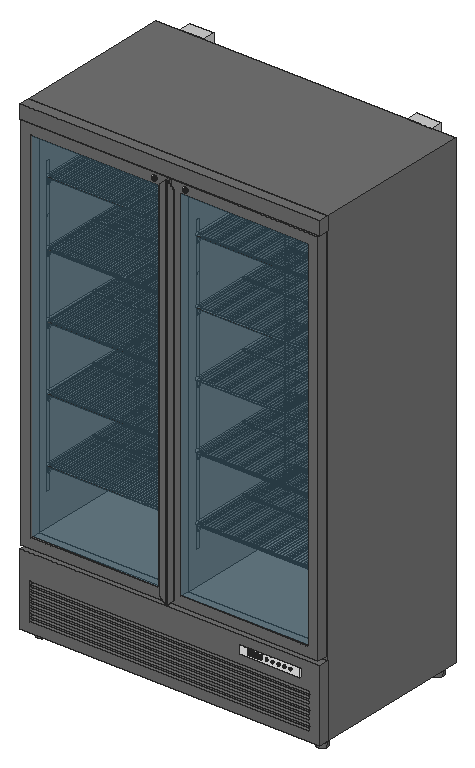
Revit family "QF_BLIZZARD_BMF2_250923020155", category Specialty Equipment, Revit 2021 (continued)
Definition of nested family "QF_BLIZZARD_BMF2_2920"
  Forms (mm)
    Extrusion 152, solid
      sketch origin (1205, -189.803, 1173.371) x (-1, 0, 0) y (0, 0, -1)
        loop
          circle (463.5, -4.5) r 1
        loop
          circle (476, -4.5) r 1
        loop
          circle (488.5, -4.5) r 1
        loop
          circle (501, -4.5) r 1
        loop
          circle (513.5, -4.5) r 1
      from -55.803 to 440.197
    Extrusion 153, solid
      sketch origin (1205, -170.816, 1173.371) x (0, 1, 0) y (0, 0, -1)
        loop
          circle (-211.5, 0) r 3.5
      from 0 to 535.5
    Sweep 154, solid
      path origin (1202.859, -189.803, 903.371) x (-1, 0, 0) y (0, -1, 0)
        loop
          line (9.859, -55.803) -> (521.359, -55.803)
          arc (521.359, -55.803) -> (529.844, -52.288) -> (533.359, -43.803) r 12
          line (533.359, -43.803) -> (533.359, 428.83)
          arc (533.359, 428.83) -> (529.844, 437.316) -> (521.359, 440.83) r 12
          line (521.359, 440.83) -> (9.859, 440.83)
          arc (9.859, 440.83) -> (1.373, 437.316) -> (-2.141, 428.83) r 12
          line (-2.141, 428.83) -> (-2.141, -43.803)
          arc (-2.141, -43.803) -> (1.373, -52.288) -> (9.859, -55.803) r 12
      profile origin (937.25, -134, 903.371) x (0, -1, 0) y (0, 0, 1)
        loop
          circle (0, 0) r 3.5
    Extrusion 155, solid
      sketch origin (1205, -189.803, 903.371) x (-1, 0, 0) y (0, 0, -1)
        loop
          circle (13.5, -4.5) r 1
        loop
          circle (26, -4.5) r 1
        loop
          circle (38.5, -4.5) r 1
        loop
          circle (51, -4.5) r 1
        loop
          circle (63.5, -4.5) r 1
        loop
          circle (76, -4.5) r 1
        loop
          circle (88.5, -4.5) r 1
        loop
          circle (101, -4.5) r 1
        loop
          circle (113.5, -4.5) r 1
        loop
          circle (126, -4.5) r 1
        loop
          circle (138.5, -4.5) r 1
        loop
          circle (151, -4.5) r 1
        loop
          circle (163.5, -4.5) r 1
        loop
          circle (176, -4.5) r 1
        loop
          circle (188.5, -4.5) r 1
        loop
          circle (201, -4.5) r 1
        loop
          circle (213.5, -4.5) r 1
        loop
          circle (226, -4.5) r 1
        loop
          circle (238.5, -4.5) r 1
        loop
          circle (251, -4.5) r 1
        loop
          circle (263.5, -4.5) r 1
        loop
          circle (276, -4.5) r 1
        loop
          circle (288.5, -4.5) r 1
        loop
          circle (301, -4.5) r 1
        loop
          circle (313.5, -4.5) r 1
        loop
          circle (326, -4.5) r 1
        loop
          circle (338.5, -4.5) r 1
        loop
          circle (351, -4.5) r 1
        loop
          circle (363.5, -4.5) r 1
        loop
          circle (376, -4.5) r 1
        loop
          circle (388.5, -4.5) r 1
        loop
          circle (401, -4.5) r 1
        loop
          circle (413.5, -4.5) r 1
        loop
          circle (426, -4.5) r 1
        loop
          circle (438.5, -4.5) r 1
        loop
          circle (451, -4.5) r 1
        loop
          circle (463.5, -4.5) r 1
        loop
          circle (476, -4.5) r 1
        loop
          circle (488.5, -4.5) r 1
        loop
          circle (501, -4.5) r 1
        loop
          circle (513.5, -4.5) r 1
      from -55.803 to 440.197
    Extrusion 156, solid
      sketch origin (1205, -170.816, 903.371) x (0, 1, 0) y (0, 0, -1)
        loop
          circle (-211.5, 0) r 3.5
      from 0 to 535.5
    Sweep 157, solid
      path origin (1202.859, -189.803, 633.371) x (-1, 0, 0) y (0, -1, 0)
        loop
          line (9.859, -55.803) -> (521.359, -55.803)
          arc (521.359, -55.803) -> (529.844, -52.288) -> (533.359, -43.803) r 12
          line (533.359, -43.803) -> (533.359, 428.83)
          arc (533.359, 428.83) -> (529.844, 437.316) -> (521.359, 440.83) r 12
          line (521.359, 440.83) -> (9.859, 440.83)
          arc (9.859, 440.83) -> (1.373, 437.316) -> (-2.141, 428.83) r 12
          line (-2.141, 428.83) -> (-2.141, -43.803)
          arc (-2.141, -43.803) -> (1.373, -52.288) -> (9.859, -55.803) r 12
      profile origin (937.25, -134, 633.371) x (0, -1, 0) y (0, 0, 1)
        loop
          circle (0, 0) r 3.5
    Extrusion 158, solid
      sketch origin (1205, -189.803, 633.371) x (-1, 0, 0) y (0, 0, -1)
        loop
          circle (13.5, -4.5) r 1
        loop
          circle (26, -4.5) r 1
        loop
          circle (38.5, -4.5) r 1
        loop
          circle (51, -4.5) r 1
        loop
          circle (63.5, -4.5) r 1
        loop
          circle (76, -4.5) r 1
        loop
          circle (88.5, -4.5) r 1
        loop
          circle (101, -4.5) r 1
        loop
          circle (113.5, -4.5) r 1
        loop
          circle (126, -4.5) r 1
        loop
          circle (138.5, -4.5) r 1
        loop
          circle (151, -4.5) r 1
        loop
          circle (163.5, -4.5) r 1
        loop
          circle (176, -4.5) r 1
        loop
          circle (188.5, -4.5) r 1
        loop
          circle (201, -4.5) r 1
        loop
          circle (213.5, -4.5) r 1
        loop
          circle (226, -4.5) r 1
        loop
          circle (238.5, -4.5) r 1
        loop
          circle (251, -4.5) r 1
        loop
          circle (263.5, -4.5) r 1
        loop
          circle (276, -4.5) r 1
        loop
          circle (288.5, -4.5) r 1
        loop
          circle (301, -4.5) r 1
        loop
          circle (313.5, -4.5) r 1
        loop
          circle (326, -4.5) r 1
        loop
          circle (338.5, -4.5) r 1
        loop
          circle (351, -4.5) r 1
        loop
          circle (363.5, -4.5) r 1
        loop
          circle (376, -4.5) r 1
        loop
          circle (388.5, -4.5) r 1
        loop
          circle (401, -4.5) r 1
        loop
          circle (413.5, -4.5) r 1
        loop
          circle (426, -4.5) r 1
        loop
          circle (438.5, -4.5) r 1
        loop
          circle (451, -4.5) r 1
        loop
          circle (463.5, -4.5) r 1
        loop
          circle (476, -4.5) r 1
        loop
          circle (488.5, -4.5) r 1
        loop
          circle (501, -4.5) r 1
        loop
          circle (513.5, -4.5) r 1
      from -55.803 to 440.197
    Extrusion 159, solid
      sketch origin (1205, -170.816, 633.371) x (0, 1, 0) y (0, 0, -1)
        loop
          circle (-211.5, 0) r 3.5
      from 0 to 535.5
    Extrusion 160, solid
      sketch origin (625.5, -725, 0) x (1, 0, 0) y (0, 0, 1)
        loop
          line (4, 1943) -> (4, 356) -> (28.749, 380.749) -> (28.749, 1918.251) -> (4, 1943)
      from 0 to 2
    Extrusion 161, solid
      sketch origin (625.5, -710, 0) x (1, 0, 0) y (0, 0, 1)
        loop
          line (4, 1943) -> (4, 356) -> (5.414, 357.414) -> (5.414, 1941.586) -> (4, 1943)
      from 0 to 15
    Extrusion 162, solid
      sketch origin (624.5, -725, 0) x (-1, 0, 0) y (0, 0, -1)
        loop
          line (4, -1943) -> (28.749, -1918.251) -> (28.749, -380.749) -> (4, -356) -> (4, -1943)
      from 0 to 2
    Extrusion 163, solid
      sketch origin (624.5, -710, 0) x (-1, 0, 0) y (0, 0, -1)
        loop
          line (4, -1943) -> (5.414, -1941.586) -> (5.414, -357.414) -> (4, -356) -> (4, -1943)
      from 0 to 15
  Cuts and joins
    joined: Extrusion 1, Extrusion 63
  Lines and regions (mm)
    symbolic lines
      curve 1: line (0, 0, 0) -> (1250, 0, 0)
      curve 2: line (0, -710, 0) -> (0, 0, 0)
      curve 3: line (1250, -710, 0) -> (0, -710, 0)
      curve 4: line (1250, 0, 0) -> (1250, -710, 0)
      curve 9: line (200, 50, 0) -> (100, 50, 0)
      curve 10: line (100, 50, 0) -> (100, 0, 0)
      curve 11: line (200, 0, 0) -> (200, 50, 0)
      curve 12: line (1050, 50, 0) -> (1050, 0, 0)
      curve 13: line (1150, 50, 0) -> (1050, 50, 0)
      curve 14: line (1150, 0, 0) -> (1150, 50, 0)
      curve 15: line (629.5, -727, 0) -> (654.249, -727, 0)
      curve 16: line (654.249, -725, 0) -> (630.914, -725, 0)
      curve 17: line (654.249, -727, 0) -> (654.249, -725, 0)
      curve 18: line (630.914, -725, 0) -> (630.914, -710, 0)
      curve 19: line (629.5, -710, 0) -> (629.5, -727, 0)
      curve 20: line (620.5, -727, 0) -> (595.751, -727, 0)
      curve 21: line (595.751, -725, 0) -> (619.086, -725, 0)
      curve 22: line (595.751, -727, 0) -> (595.751, -725, 0)
      curve 23: line (619.086, -725, 0) -> (619.086, -710, 0)
      curve 24: line (620.5, -710, 0) -> (620.5, -727, 0)
    symbolic lines, visible <- "Show Clearances"
      curve 5: arc (629.5, -710, 0) -> (809.776, -1145.224, 0) -> (1245, -1325.5, 0) r 615.5
      curve 6: arc (5, -1325.5, 0) -> (440.224, -1145.224, 0) -> (620.5, -710, 0) r 615.5
      curve 7: line (1245, -1325.5, 0) -> (1245, -710, 0)
      curve 8: line (5, -710, 0) -> (5, -1325.5, 0)
  Dimensions and locks
    plane 3 "Left" to plane 4 "Right" = 1250 mm
    plane 5 "Front" to plane 1 "Back" = 710 mm
    plane 6 "Top" to level = 2003 mm  (x2)
    plane 1 "Back" to plane 5 "Front" = 710 mm
    plane 4 "Right" to plane 3 "Left" = 1250 mm
    aligned and locked: level to plane 2
Definition of nested family "CONN_POINT_ELE_2D___Generic_Annotation"
  Parameters (values of type "CONN_POINT_ELE_2D___Generic_Annotation")
    Onboard connection annotation symbol visibility [instance] = yes
  Reference planes
    plane 1: y = 0
    plane 2: x = 0
  Lines and regions (mm)
    detail lines, visible <- "Onboard connection annotation symbol visibility"
      curve 1: circle (0, 0, 0) r 0.5 normal (0, 0, 1)
      curve 2: line (-1, 0, 0) -> (1, 0, 0)
      curve 3: line (0, 1, 0) -> (0, -1, 0)
      curve 4: line (2.5, 1, 0) -> (1.25, 1, 0)
      curve 5: line (1.25, 1, 0) -> (1.25, -1, 0)
      curve 6: line (1.25, -1, 0) -> (2.5, -1, 0)
      curve 7: line (1.25, 0, 0) -> (2, 0, 0)
